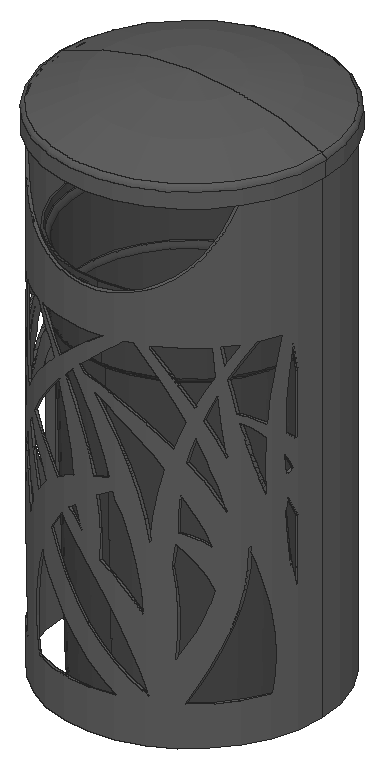
Revit family (continued)
Definition of nested family "Liner-Receptacle-SiteScapes-Cylindrical-PL1-20"
  Lines and regions (in)
    Masking region 2
      outline origin (0, 0, 0) x (1, 0, 0) y (0, 0, 1)
        loop
          arc (6.47807, 0) -> (6.64053, 0.06598) -> (6.71098, 0.22655) r 0.233
          line (6.71098, 0.22655) -> (7.29825, 21.44534)
          arc (7.29825, 21.44534) -> (7.34788, 21.58215) -> (7.47369, 21.65531) r 0.21337
          arc (7.47369, 21.65531) -> (7.59264, 21.70959) -> (7.64913, 21.82751) r 0.1917
          line (7.64913, 21.82751) -> (7.64913, 26.16013)
          arc (7.64913, 26.16013) -> (7.69876, 26.29693) -> (7.82456, 26.37009) r 0.21337
          arc (7.82456, 26.37009) -> (7.94352, 26.42437) -> (8, 26.54229) r 0.1917
          line (8, 26.54229) -> (8, 27) -> (-8, 27)
    Masking region 3
      outline origin (0, 0, 0) x (0, 1, 0) y (0, 0, 1)
        loop
          line (-8, 27) -> (-8, 26.54229)
          arc (-8, 26.54229) -> (-7.94352, 26.42437) -> (-7.82456, 26.37009) r 0.1917
          arc (-7.82456, 26.37009) -> (-7.69876, 26.29693) -> (-7.64913, 26.16013) r 0.21337
          line (-7.64913, 26.16013) -> (-7.64913, 21.82751)
          arc (-7.64913, 21.82751) -> (-7.59264, 21.70959) -> (-7.47369, 21.65531) r 0.1917
          arc (-7.47369, 21.65531) -> (-7.34788, 21.58215) -> (-7.29825, 21.44534) r 0.21337
          line (-7.29825, 21.44534) -> (-6.71098, 0.22655)
          arc (-6.71098, 0.22655) -> (-6.64053, 0.06598) -> (-6.47807, 0) r 0.233
          line (-6.47807, 0) -> (6.47807, 0)
          arc (6.47807, 0) -> (6.64053, 0.06598) -> (6.71098, 0.22655) r 0.233
          line (6.71098, 0.22655) -> (7.29825, 21.44534)
          arc (7.29825, 21.44534) -> (7.34788, 21.58215) -> (7.47369, 21.65531) r 0.21337
          arc (7.47369, 21.65531) -> (7.59264, 21.70959) -> (7.64913, 21.82751) r 0.1917
          line (7.64913, 21.82751) -> (7.64913, 26.16013)
          arc (7.64913, 26.16013) -> (7.69876, 26.29693) -> (7.82456, 26.37009) r 0.21337
          arc (7.82456, 26.37009) -> (7.94352, 26.42437) -> (8, 26.54229) r 0.1917
          line (8, 26.54229) -> (8, 27) -> (-8, 27)
    model lines, style "Receptor Shell", detail levels coarse
      curve 1: arc (8, 0, 27) -> (0, 8, 27) -> (-8, 0, 27) r 8
      curve 2: arc (-8, 0, 27) -> (0, -8, 27) -> (8, 0, 27) r 8
      curve 3: arc (8, 0, 0) -> (0, 8, 0) -> (-8, 0, 0) r 8
      curve 4: arc (-8, 0, 0) -> (0, -8, 0) -> (8, 0, 0) r 8
      curve 5: line (0, 8, 0) -> (0, 8, 27)
      curve 6: line (0, -8, 0) -> (0, -8, 27)
      curve 7: line (-8, 0, 0) -> (-8, 0, 27)
      curve 8: line (8, 0, 0) -> (8, 0, 27)
  Dimensions and locks (in)
    equal spacing: plane 4 "Left", plane 3 "Center (Left/Right)", plane 5 "Right"
    "Diameter": plane 4 "Left" to plane 5 "Right"
    "Height": plane 7 "Top" to plane 2 "Original Bottom"
    equal spacing: plane 8 "Back", plane 1 "Center (Front/Back)", plane 6 "Front"
    "Diameter": plane 6 "Front" to plane 8 "Back"
    aligned and locked: plane 2 "Original Bottom" to level
    aligned and locked: plane 7 "Top" to Revolve 1 sketch curve  (x2)
    aligned and locked: plane 2 "Original Bottom" to Revolve 1 sketch curve  (x2)
    aligned and locked: Revolve 1 sketch curve to plane 1 "Center (Front/Back)"  (x2)
    aligned and locked: plane 8 "Back" to Revolve 1 sketch curve
    aligned and locked: plane 1 "Center (Front/Back)" to Masking region 1 sketch curve  (x2)
    aligned and locked: plane 5 "Right" to Masking region 1 sketch curve
    aligned and locked: plane 4 "Left" to Masking region 1 sketch curve
    aligned and locked: Masking region 2 sketch curve to plane 7 "Top"
    aligned and locked: plane 2 "Original Bottom" to Masking region 2 sketch curve
    aligned and locked: Masking region 3 sketch curve to plane 7 "Top"
    aligned and locked: plane 2 "Original Bottom" to Masking region 3 sketch curve
    aligned and locked: plane 1 "Center (Front/Back)" to curve 2  (x2)
    aligned and locked: plane 4 "Left" to curve 2
    aligned and locked: plane 5 "Right" to curve 2
    aligned and locked: plane 1 "Center (Front/Back)" to curve 4  (x2)
    aligned and locked: plane 4 "Left" to curve 4
    aligned and locked: plane 5 "Right" to curve 4
    aligned and locked: plane 7 "Top" to curve 8
    aligned and locked: plane 7 "Top" to curve 6
    aligned and locked: plane 7 "Top" to curve 5
    aligned and locked: plane 7 "Top" to curve 7
    aligned and locked: plane 2 "Original Bottom" to curve 8
    aligned and locked: plane 2 "Original Bottom" to curve 6
    aligned and locked: plane 2 "Original Bottom" to curve 5
    aligned and locked: plane 2 "Original Bottom" to curve 7
    aligned and locked: curve 7 to plane 4 "Left"
    aligned and locked: plane 3 "Center (Left/Right)" to curve 5
    aligned and locked: plane 3 "Center (Left/Right)" to curve 6
    aligned and locked: plane 5 "Right" to curve 8
  Automatic sketch dimensions
    plane 8 "Back" to Revolve 1 sketch curve = 0' - 1.52193"
    level to Revolve 1 sketch curve = 0' - 0.23001"
    level to Revolve 1 sketch curve = 0' - 0 29/128"
    plane 8 "Back" to Revolve 1 sketch curve = 0' - 0.82656"
    Revolve 1 sketch curve to Revolve 1 sketch curve = 0' - 0.12481"
    Revolve 1 sketch curve to Revolve 1 sketch curve = 0' - 0.16011"
    Revolve 1 sketch curve to Revolve 1 sketch curve = 0' - 0.00011"
    Revolve 1 sketch curve to Revolve 1 sketch curve = 0' - 0.0014"
    Revolve 1 sketch curve to Revolve 1 sketch curve = 0' - 0.01392"
    Revolve 1 sketch curve to Revolve 1 sketch curve = 0' - 0.03785"
    Revolve 1 sketch curve to Revolve 1 sketch curve = 0' - 0.00008"
    Revolve 1 sketch curve to Revolve 1 sketch curve = 0' - 0.06554"
    Revolve 1 sketch curve to Revolve 1 sketch curve = 0' - 0.12512"
    plane 8 "Back" to Revolve 1 sketch curve = 0' - 0.19078"
    Revolve 1 sketch curve to Revolve 1 sketch curve = 0' - 0"  (x3)
    Revolve 1 sketch curve to Revolve 1 sketch curve = 0' - 0.00136"
    Revolve 1 sketch curve to Revolve 1 sketch curve = 0' - 0.01397"
    plane 8 "Back" to Revolve 1 sketch curve = 0' - 0.13757"
    Revolve 1 sketch curve to Revolve 1 sketch curve = 0' - 0.00006"
    Revolve 1 sketch curve to Revolve 1 sketch curve = 0' - 0.06574"
    Revolve 1 sketch curve to plane 7 "Top" = 0' - 5.55466"
    Revolve 1 sketch curve to Revolve 1 sketch curve = 0' - 0.00074"
    Revolve 1 sketch curve to Revolve 1 sketch curve = 0' - 0.04732"
    Revolve 1 sketch curve to Revolve 1 sketch curve = 0' - 0.01094"
    Revolve 1 sketch curve to plane 7 "Top" = 0' - 0.83989"
    Revolve 1 sketch curve to Revolve 1 sketch curve = 0' - 0.00002"
    Revolve 1 sketch curve to Revolve 1 sketch curve = 0' - 0.04776"
    Revolve 1 sketch curve to Revolve 1 sketch curve = 0' - 0.0111"
    Revolve 1 sketch curve to Revolve 1 sketch curve = 0' - 0.10795"  (x2)
    Revolve 1 sketch curve to Revolve 1 sketch curve = 0' - 0.108"
    level to Revolve 1 sketch curve = 0' - 0 1/8"
    Masking region 3 sketch curve to plane 6 "Front" = 0' - 0"
    Masking region 3 sketch curve to plane 8 "Back" = 0' - 0"
    plane 6 "Front" to Masking region 3 sketch curve = 0' - 0.13751"
    plane 6 "Front" to Masking region 3 sketch curve = 0' - 0.17544"
    plane 6 "Front" to Masking region 3 sketch curve = 0' - 0.19077"
    plane 6 "Front" to Masking region 3 sketch curve = 0' - 0.35087"
    Masking region 3 sketch curve to Masking region 3 sketch curve = 0' - 0.13751"
    Masking region 3 sketch curve to Masking region 3 sketch curve = 0' - 0.03793"
    Masking region 3 sketch curve to Masking region 3 sketch curve = 0' - 0.01533"  (x2)
    Masking region 3 sketch curve to Masking region 3 sketch curve = 0' - 0.21337"  (x2)
    level to Masking region 3 sketch curve = 0' - 0 29/128"  (x2)
    plane 6 "Front" to Masking region 3 sketch curve = 0' - 1.28902"
    Masking region 3 sketch curve to Masking region 3 sketch curve = 0' - 0.23291"  (x2)
    plane 8 "Back" to Masking region 3 sketch curve = 0' - 1.52193"
    plane 8 "Back" to Masking region 3 sketch curve = 0' - 0.70175"
    Masking region 3 sketch curve to Masking region 3 sketch curve = 0' - 0.16011"
    Masking region 3 sketch curve to Masking region 3 sketch curve = 0' - 0.19077"
    plane 8 "Back" to Masking region 3 sketch curve = 0' - 0.19077"
    plane 8 "Back" to Masking region 3 sketch curve = 0' - 0.17544"
    plane 8 "Back" to Masking region 3 sketch curve = 0' - 0.13751"
    Masking region 3 sketch curve to plane 7 "Top" = 0' - 5.55466"  (x2)
    Masking region 3 sketch curve to Masking region 3 sketch curve = 0' - 0.1722"  (x4)
    Masking region 3 sketch curve to plane 7 "Top" = 0' - 0.83987"  (x2)
    plane 4 "Left" to Masking region 2 sketch curve = 0' - 0"
    Masking region 2 sketch curve to plane 5 "Right" = 0' - 0"
    Masking region 2 sketch curve to plane 4 "Left" = 0' - 0.13751"
    Masking region 2 sketch curve to plane 4 "Left" = 0' - 0.17544"
    Masking region 2 sketch curve to plane 4 "Left" = 0' - 0.19077"
    Masking region 2 sketch curve to plane 4 "Left" = 0' - 0.35087"
    Masking region 2 sketch curve to Masking region 2 sketch curve = 0' - 0.13751"
    Masking region 2 sketch curve to Masking region 2 sketch curve = 0' - 0.03793"
    Masking region 2 sketch curve to Masking region 2 sketch curve = 0' - 0.01533"  (x2)
    Masking region 2 sketch curve to Masking region 2 sketch curve = 0' - 0.21337"  (x2)
    level to Masking region 2 sketch curve = 0' - 0 29/128"  (x2)
    Masking region 2 sketch curve to plane 4 "Left" = 0' - 1.28902"
    Masking region 2 sketch curve to Masking region 2 sketch curve = 0' - 0.23291"  (x2)
    Masking region 2 sketch curve to plane 5 "Right" = 0' - 1.52193"
    Masking region 2 sketch curve to plane 5 "Right" = 0' - 0.70175"
    Masking region 2 sketch curve to Masking region 2 sketch curve = 0' - 0.16011"
    Masking region 2 sketch curve to plane 5 "Right" = 0' - 0.35087"
    Masking region 2 sketch curve to plane 5 "Right" = 0' - 0.19077"
    Masking region 2 sketch curve to plane 5 "Right" = 0' - 0.17544"
    Masking region 2 sketch curve to plane 5 "Right" = 0' - 0.13751"
    Masking region 2 sketch curve to plane 7 "Top" = 0' - 5.55466"  (x2)
    Masking region 2 sketch curve to Masking region 2 sketch curve = 0' - 0.1722"  (x4)
    Masking region 2 sketch curve to plane 7 "Top" = 0' - 0.83987"  (x2)
Definition of nested family "Lid-Dome_Top-SiteScapes-Cambridge"
  Parameters (values of type "18"")
    Radius = Diameter / 2  # 0' - 9 27/256"
    Diameter = 1' - 6 27/128"  # constant formula
    Product Page URL = ""
    Product Documentation Link = ""
    Material = Steel - SiteScapes - Powder Coat - Black
    Height = 0' - 1 1/2"
    Copyright © = ""
    Assembly Code = ""
  Reference planes (in)
    plane 1 "Center (Front/Back)": y = 0
    plane 2 "Original Bottom": z = 0
    plane 3 "Center (Left/Right)": x = 0
    plane 4 "Left": x = -9.10547
    plane 5 "Right": x = 9.10547
    plane 6 "Front": y = -9.10547
    plane 7 "Top": z = 1.5
    plane 8 "Back": y = 9.10547
  Forms (in)
    Revolve 1, solid, material "Steel - SiteScapes - Powder Coat - Black" <- "Material", detail levels medium+fine
      sketch origin (0, 0, 0) x (1, 0, 0) y (0, 0, 1)
        loop
          arc (0, 3.316) -> (-4.5354, 2.82621) -> (-8.86166, 1.37944) r 21.24367
          arc (-8.86166, 1.37944) -> (-9.03894, 1.22538) -> (-9.10547, 1) r 0.4175
          line (-9.10547, 1) -> (-9.10547, 0) -> (-8.92578, 0) -> (-8.92531, 1)
          arc (-8.92531, 1) -> (-8.88768, 1.12838) -> (-8.7867, 1.21613) r 0.23781
          arc (-8.7867, 1.21613) -> (-4.49703, 2.65067) -> (0, 3.13631) r 21.06398
          line (0, 3.13631) -> (0, 3.316)
        axis (0, 0) -> (0, 3.316)
      angle from 0 to 360
  Lines and regions (in)
    Masking region 1
      outline origin (0, 0, 1.5) x (0, -1, 0) y (1, 0, 0)
        loop
          circle (0, 0) r 9.10547
    Masking region 2
      outline origin (0, 0, 0) x (1, 0, 0) y (0, 0, 1)
        loop
          line (-9.10547, 0) -> (9.10547, 0) -> (9.10547, 0.98342)
          arc (9.10547, 0.98342) -> (9.03537, 1.22366) -> (8.84707, 1.3885) r 0.44672
          arc (8.84707, 1.3885) -> (4.53031, 2.84288) -> (0, 3.31831) r 20.70887
          arc (0, 3.31831) -> (-4.53031, 2.84288) -> (-8.84707, 1.3885) r 20.70887
          arc (-8.84707, 1.3885) -> (-9.03537, 1.22366) -> (-9.10547, 0.98342) r 0.44672
          line (-9.10547, 0.98342) -> (-9.10547, 0)
    Masking region 3
      outline origin (0, 0, 0) x (0, 1, 0) y (0, 0, 1)
        loop
          line (-9.10547, 0.99618) -> (-9.10547, 0) -> (9.10547, 0) -> (9.10547, 0.99618)
          arc (9.10547, 0.99618) -> (9.03785, 1.22876) -> (8.85606, 1.38884) r 0.43381
          arc (8.85606, 1.38884) -> (4.5368, 2.85288) -> (0, 3.31864) r 20.35734
          arc (0, 3.31864) -> (-4.5368, 2.85288) -> (-8.85606, 1.38884) r 20.35734
          arc (-8.85606, 1.38884) -> (-9.03785, 1.22876) -> (-9.10547, 0.99618) r 0.43381
    model lines, style "Receptor Shell", detail levels coarse
      curve 1: arc (-9.10547, 0, 0) -> (0, 9.10547, 0) -> (9.10547, 0, 0) r 9.10547
      curve 2: arc (9.10547, 0, 0) -> (0, -9.10547, 0) -> (-9.10547, 0, 0) r 9.10547
      curve 3: line (-9.10547, 0, 0.98342) -> (-9.10547, 0, 0)
      curve 4: arc (-8.84707, 0, 1.3885) -> (-9.03537, 0, 1.22366) -> (-9.10547, 0, 0.98342) r 0.44672
      curve 5: arc (0, 0, 3.31831) -> (-4.53031, 0, 2.84288) -> (-8.84707, 0, 1.3885) r 20.70887
      curve 6: arc (8.84707, 0, 1.3885) -> (4.53031, 0, 2.84288) -> (0, 0, 3.31831) r 20.70887
      curve 7: arc (9.10547, 0, 0.98342) -> (9.03537, 0, 1.22366) -> (8.84707, 0, 1.3885) r 0.44672
      curve 8: line (9.10547, 0, 0) -> (9.10547, 0, 0.98342)
      curve 9: line (0, -9.10547, 0.99618) -> (0, -9.10547, 0)
      curve 10: arc (0, -8.85606, 1.38884) -> (0, -9.03785, 1.22876) -> (0, -9.10547, 0.99618) r 0.43381
      curve 11: arc (0, 0, 3.31864) -> (0, -4.5368, 2.85288) -> (0, -8.85606, 1.38884) r 20.35734
      curve 12: arc (0, 8.85606, 1.38884) -> (0, 4.5368, 2.85288) -> (0, 0, 3.31864) r 20.35734
      curve 13: arc (0, 9.10547, 0.99618) -> (0, 9.03785, 1.22876) -> (0, 8.85606, 1.38884) r 0.43381
      curve 14: line (0, 9.10547, 0) -> (0, 9.10547, 0.99618)
  Dimensions and locks (in)
    equal spacing: plane 4 "Left", plane 3 "Center (Left/Right)", plane 5 "Right"
    "Diameter": plane 4 "Left" to plane 5 "Right"
    "Height": plane 7 "Top" to plane 2 "Original Bottom"
    equal spacing: plane 8 "Back", plane 1 "Center (Front/Back)", plane 6 "Front"
    "Diameter": plane 6 "Front" to plane 8 "Back"
    locked: plane 2 "Original Bottom" to Revolve 1 sketch curve at 17.92767  (x2)
    locked: plane 7 "Top" to Revolve 1 sketch curve at 0.5  (x2)
    locked: plane 4 "Left" to Revolve 1 sketch curve at 0.41797  (x2)
    locked: plane 7 "Top" to Masking region 2 sketch curve at 0.51658  (x2)
    locked: plane 4 "Left" to Masking region 2 sketch curve at 0.44672
    locked: plane 5 "Right" to Masking region 2 sketch curve at 0.44672
    locked: Masking region 2 sketch curve to plane 3 "Center (Left/Right)" at 0.11687
    locked: plane 2 "Original Bottom" to Masking region 2 sketch curve at 17.39024  (x2)
    locked: plane 3 "Center (Left/Right)" to Masking region 2 sketch curve at 0.11687
    locked: plane 7 "Top" to Masking region 3 sketch curve at 0.50382  (x2)
    locked: plane 6 "Front" to Masking region 3 sketch curve at 0.43381
    locked: Masking region 3 sketch curve to plane 8 "Back" at 0.43381
    Masking region 3 sketch curve to plane 1 "Center (Front/Back)" to Masking region 3 sketch curve = 0' - 0.20251" locked, 0' - 0.20251" locked
    locked: plane 2 "Original Bottom" to Masking region 3 sketch curve at 17.03769  (x2)
    locked: plane 4 "Left" to Revolve 1 sketch curve at 0.17969
    locked: Revolve 1 sketch curve to plane 3 "Center (Left/Right)" at 0
    aligned and locked: plane 2 "Original Bottom" to level
    aligned and locked: Revolve 1 sketch curve to plane 3 "Center (Left/Right)"
    aligned and locked: Revolve 1 sketch curve to plane 2 "Original Bottom"
    aligned and locked: Revolve 1 sketch curve to plane 4 "Left"
    aligned and locked: plane 3 "Center (Left/Right)" to Revolve 1 sketch curve  (x2)
    aligned and locked: curve 1 to Revolve 1
    aligned and locked: curve 2 to Revolve 1
    aligned and locked: Masking region 1 sketch curve to Revolve 1  (x2)
    aligned and locked: Masking region 2 sketch curve to plane 2 "Original Bottom"
    aligned and locked: Masking region 2 sketch curve to plane 4 "Left"
    aligned and locked: plane 5 "Right" to Masking region 2 sketch curve
    aligned and locked: curve 4 to Masking region 2
    aligned and locked: curve 5 to Masking region 2
    aligned and locked: curve 6 to Masking region 2
    aligned and locked: curve 7 to Masking region 2
    aligned and locked: curve 8 to Masking region 2
    aligned and locked: Masking region 3 sketch curve to plane 6 "Front"
    aligned and locked: Masking region 3 sketch curve to plane 2 "Original Bottom"
    aligned and locked: plane 8 "Back" to Masking region 3 sketch curve
    aligned and locked: curve 10 to Masking region 3
    aligned and locked: curve 11 to Masking region 3
    aligned and locked: curve 12 to Masking region 3
    aligned and locked: curve 13 to Masking region 3
    aligned and locked: curve 14 to Masking region 3
  Automatic sketch dimensions
    Masking region 2 sketch curve to Masking region 2 sketch curve = 0' - 0"  (x2)
    curve 3 to level = 0' - 0"
    curve 8 to level = 0' - 0"
    Masking region 3 sketch curve to plane 1 "Center (Front/Back)" = 0' - 0"
    Masking region 3 sketch curve to Masking region 3 sketch curve = 0' - 0"
    curve 9 to level = 0' - 0"
    curve 14 to level = 0' - 0"
    Revolve 1 sketch curve to plane 4 "Left" = 0' - 0.00047"
    Revolve 1 sketch curve to Revolve 1 sketch curve = 0' - 0"  (x4)
    Revolve 1 sketch curve to Revolve 1 sketch curve = 0' - 0.07496"
    Revolve 1 sketch curve to Revolve 1 sketch curve = 0' - 1.02339"
    Revolve 1 sketch curve to Revolve 1 sketch curve = 0' - 0 3/4"
Types (3): name | Type Comments | Product Documentation Link | Model | Lid Type
  (no name) | "TallGrass Small, Round 20 Gal. Capacity, Dome Top" | "http://www.sitescapesonline.com/pdf/TG2-1001%20-%20Customer%20Print.PDF" | "TG2-1001" | Lid-Dome_Top-SiteScapes-Cambridge : 18"
  TG2-1002 | "TallGrass Small, Round 20 Gal. Capacity, Ash Top" | "http://www.sitescapesonline.com/pdf/TG2-1002%20-%20Customer%20Print.PDF" | "TG2-1002" | Lid-Ash_Top-SiteScapes-Cambridge : 18"
  TG2-1001 | "TallGrass Small, Round 20 Gal. Capacity, Dome Top" | "http://www.sitescapesonline.com/pdf/TG2-1001%20-%20Customer%20Print.PDF" | "TG2-1001" | Lid-Dome_Top-SiteScapes-Cambridge : 18"
